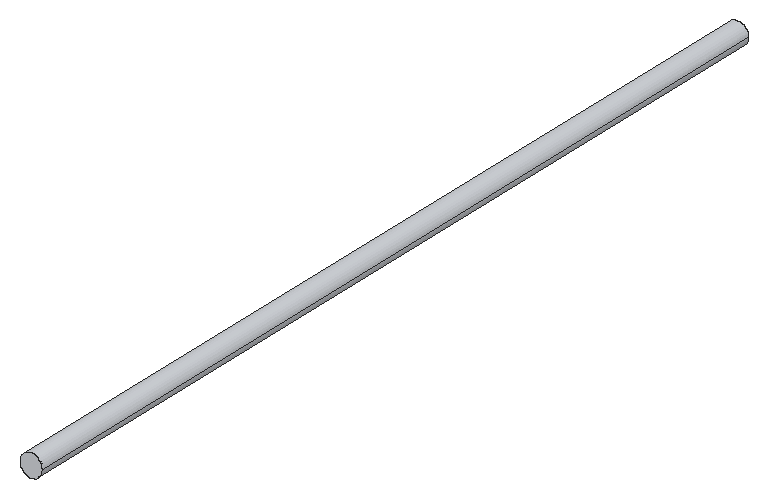
Revit family "马杆", category 常规模型, Revit 2022
Family settings
  可将钢筋附着到主体 = 否
  圆形连接件大小 = 使用直径
  零件类型 = 标准
  基于工作平面 = 否
  总是垂直 = 是
  加载时剪切的空心 = 否
  保持注释方向 = 否
  共享 = 否
  房间计算点 = 否
Parameters
  默认高程 = 0 mm
  马杆长度 = 12000 mm
  马杆半径 = 150 mm
Reference planes
  plane 1 "中心(前/后)": y = 0
  plane 2: z = 0
  plane 3 "中心(左/右)": x = 0
Forms (mm)
  Extrusion 1, solid
    sketch origin (0, 0, 0) x (1, 0, 0) y (0, 0, 1)
      loop
        circle (-398.853, 538.385) r 150
    from 0 to 12000 <- "马杆长度"
Dimensions and locks
  "马杆半径": radius of Extrusion 1 sketch curve
  aligned and locked: level to plane 2
Automatic sketch dimensions
  Extrusion 1 sketch curve to plane 3 "中心(左/右)" = 398.853 mm
  level to Extrusion 1 sketch curve = 538.385 mm
